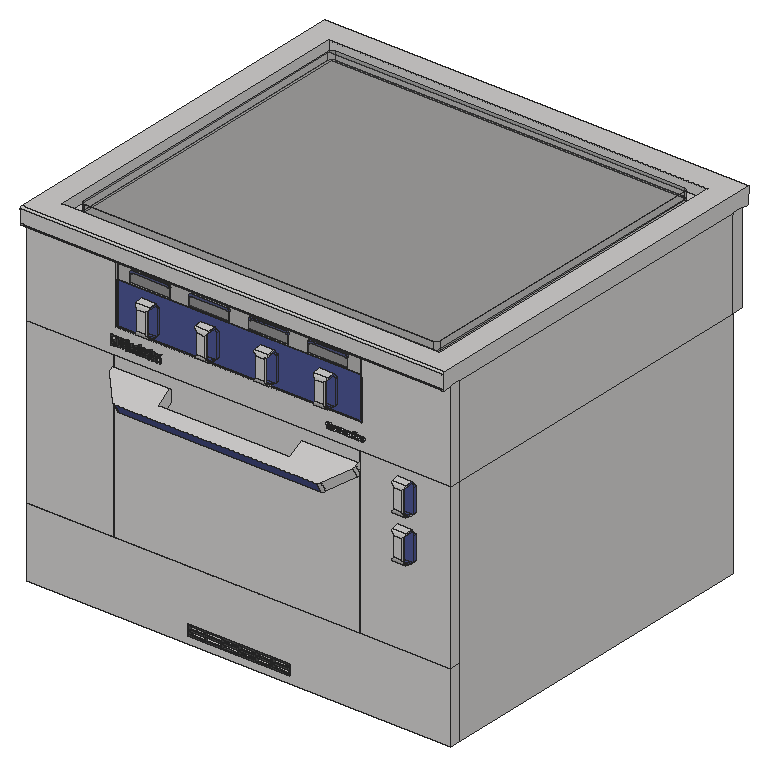
Revit family "QF_ELECTROLUXPROFESSIONAL_589668_MCIMFAJ8AO", category Attrezzature speciali, Revit 2020 (continued)
Definition of nested family "Front_Panel_W1000_4 Knobs"
  Definition of nested family "ELX_Professional_Logo_Small"
    Forms (mm)
      Extrusion 2, solid, material <- "Material_Logo"
        sketch origin (15.5, 0, 0) x (1, 0, 0) y (0, 1, 0)
          loop
            spline (-32.6, 1.606) -> (-32.553, 0.805) -> (-32.416, 0.057) -> (-32.193, -0.637) -> (-31.887, -1.271) -> (-31.504, -1.843) -> (-31.048, -2.35) -> (-30.523, -2.788) -> (-29.934, -3.154) -> (-29.284, -3.444) -> (-28.579, -3.656) -> (-27.822, -3.785) -> (-27.019, -3.829)
            spline (-27.019, -3.829) -> (-26.627, -3.82) -> (-26.239, -3.79) -> (-25.856, -3.739) -> (-25.477, -3.663) -> (-25.103, -3.562) -> (-24.734, -3.432) -> (-24.369, -3.273) -> (-24.01, -3.082) -> (-23.655, -2.858) -> (-23.305, -2.597) -> (-22.96, -2.299) -> (-22.621, -1.962)
            line (-22.621, -1.962) -> (-24.114, -0.509)
            spline (-24.114, -0.509) -> (-24.311, -0.699) -> (-24.509, -0.872) -> (-24.71, -1.03) -> (-24.915, -1.172) -> (-25.126, -1.297) -> (-25.346, -1.407) -> (-25.576, -1.5) -> (-25.817, -1.576) -> (-26.072, -1.636) -> (-26.342, -1.678) -> (-26.629, -1.704) -> (-26.936, -1.713)
            spline (-26.936, -1.713) -> (-27.384, -1.691) -> (-27.805, -1.625) -> (-28.196, -1.518) -> (-28.556, -1.372) -> (-28.882, -1.187) -> (-29.174, -0.966) -> (-29.429, -0.71) -> (-29.645, -0.422) -> (-29.821, -0.102) -> (-29.955, 0.247) -> (-30.045, 0.623) -> (-30.089, 1.026)
            line (-30.089, 1.026) -> (-21.956, 1.026) -> (-21.915, 1.897)
          loop
            spline (-24.446, 2.769) -> (-24.47, 3.075) -> (-24.54, 3.37) -> (-24.654, 3.65) -> (-24.807, 3.913) -> (-24.996, 4.156) -> (-25.219, 4.376) -> (-25.472, 4.57) -> (-25.753, 4.736) -> (-26.057, 4.869) -> (-26.382, 4.968) -> (-26.724, 5.03) -> (-27.081, 5.051)
            spline (-27.081, 5.051) -> (-27.464, 5.03) -> (-27.832, 4.97) -> (-28.183, 4.872) -> (-28.513, 4.74) -> (-28.819, 4.577) -> (-29.099, 4.384) -> (-29.347, 4.165) -> (-29.563, 3.923) -> (-29.742, 3.659) -> (-29.881, 3.377) -> (-29.977, 3.079) -> (-30.027, 2.769)
            line (-30.027, 2.769) -> (-24.446, 2.769)
          loop
            spline (-18.167, 1.669) -> (-18.138, 2.13) -> (-18.055, 2.567) -> (-17.921, 2.978) -> (-17.739, 3.358) -> (-17.512, 3.705) -> (-17.243, 4.016) -> (-16.937, 4.287) -> (-16.596, 4.517) -> (-16.223, 4.7) -> (-15.823, 4.835) -> (-15.398, 4.919) -> (-14.951, 4.947)
            spline (-14.951, 4.947) -> (-14.677, 4.938) -> (-14.414, 4.913) -> (-14.162, 4.871) -> (-13.921, 4.812) -> (-13.69, 4.738) -> (-13.467, 4.649) -> (-13.254, 4.544) -> (-13.048, 4.424) -> (-12.85, 4.291) -> (-12.659, 4.143) -> (-12.474, 3.981) -> (-12.295, 3.806)
            line (-12.295, 3.806) -> (-10.76, 5.403)
            spline (-10.76, 5.403) -> (-11.065, 5.709) -> (-11.38, 5.984) -> (-11.703, 6.228) -> (-12.035, 6.443) -> (-12.375, 6.63) -> (-12.723, 6.788) -> (-13.078, 6.92) -> (-13.44, 7.026) -> (-13.809, 7.107) -> (-14.184, 7.164) -> (-14.564, 7.198) -> (-14.951, 7.209)
            spline (-14.951, 7.209) -> (-15.725, 7.161) -> (-16.467, 7.02) -> (-17.169, 6.792) -> (-17.826, 6.482) -> (-18.43, 6.096) -> (-18.976, 5.637) -> (-19.455, 5.112) -> (-19.862, 4.525) -> (-20.19, 3.882) -> (-20.433, 3.189) -> (-20.584, 2.449) -> (-20.635, 1.669)
            spline (-20.635, 1.669) -> (-20.584, 0.889) -> (-20.433, 0.149) -> (-20.19, -0.545) -> (-19.862, -1.187) -> (-19.455, -1.774) -> (-18.976, -2.299) -> (-18.43, -2.758) -> (-17.826, -3.145) -> (-17.169, -3.454) -> (-16.467, -3.682) -> (-15.725, -3.823) -> (-14.951, -3.871)
            spline (-14.951, -3.871) -> (-14.564, -3.86) -> (-14.184, -3.826) -> (-13.809, -3.77) -> (-13.44, -3.689) -> (-13.078, -3.583) -> (-12.723, -3.451) -> (-12.375, -3.292) -> (-12.035, -3.105) -> (-11.703, -2.89) -> (-11.38, -2.646) -> (-11.065, -2.371) -> (-10.76, -2.066)
            line (-10.76, -2.066) -> (-12.295, -0.468)
            spline (-12.295, -0.468) -> (-12.474, -0.643) -> (-12.659, -0.805) -> (-12.85, -0.953) -> (-13.048, -1.087) -> (-13.254, -1.206) -> (-13.467, -1.311) -> (-13.69, -1.4) -> (-13.921, -1.475) -> (-14.162, -1.533) -> (-14.414, -1.575) -> (-14.677, -1.6) -> (-14.951, -1.609)
            spline (-14.951, -1.609) -> (-15.398, -1.581) -> (-15.823, -1.497) -> (-16.223, -1.362) -> (-16.596, -1.179) -> (-16.937, -0.95) -> (-17.243, -0.678) -> (-17.512, -0.367) -> (-17.739, -0.02) -> (-17.921, 0.36) -> (-18.055, 0.771) -> (-18.138, 1.208) -> (-18.167, 1.669)
          loop
            spline (-4.441, -1.243) -> (-4.659, -1.247) -> (-4.894, -1.23) -> (-5.137, -1.19) -> (-5.384, -1.121) -> (-5.628, -1.021) -> (-5.864, -0.884) -> (-6.084, -0.708) -> (-6.283, -0.488) -> (-6.454, -0.219) -> (-6.592, 0.101) -> (-6.69, 0.478) -> (-6.742, 0.914)
            line (-6.742, 0.914) -> (-6.742, 4.587) -> (-4.487, 4.587) -> (-4.487, 6.838) -> (-6.738, 6.838) -> (-6.738, 10.824) -> (-9.217, 10.824) -> (-9.217, 0.773)
            spline (-9.217, 0.773) -> (-9.164, 0.19) -> (-9.068, -0.358) -> (-8.928, -0.87) -> (-8.742, -1.343) -> (-8.511, -1.777) -> (-8.232, -2.168) -> (-7.904, -2.515) -> (-7.527, -2.816) -> (-7.098, -3.069) -> (-6.618, -3.273) -> (-6.084, -3.426) -> (-5.496, -3.525)
            line (-5.496, -3.525) -> (-4.45, -3.573) -> (-4.441, -1.243)
          loop
            spline (3.898, 6.983) -> (3.469, 7.009) -> (3.056, 7.001) -> (2.661, 6.961) -> (2.283, 6.888) -> (1.925, 6.785) -> (1.588, 6.652) -> (1.272, 6.49) -> (0.979, 6.301) -> (0.71, 6.085) -> (0.465, 5.844) -> (0.247, 5.578) -> (0.056, 5.289)
            line (0.056, 5.289) -> (0.056, 6.838) -> (-2.402, 6.838) -> (-2.402, -3.572) -> (0.056, -3.572) -> (0.056, 1.901)
            spline (0.056, 1.901) -> (0.079, 2.316) -> (0.145, 2.703) -> (0.254, 3.06) -> (0.404, 3.386) -> (0.592, 3.679) -> (0.818, 3.938) -> (1.08, 4.162) -> (1.375, 4.348) -> (1.703, 4.495) -> (2.062, 4.602) -> (2.45, 4.668) -> (2.865, 4.69)
            line (2.865, 4.69) -> (3.898, 4.586) -> (3.898, 6.983)
          loop
            spline (15.638, 1.633) -> (15.586, 2.396) -> (15.435, 3.124) -> (15.192, 3.81) -> (14.863, 4.449) -> (14.455, 5.034) -> (13.975, 5.56) -> (13.43, 6.021) -> (12.826, 6.411) -> (12.17, 6.724) -> (11.469, 6.955) -> (10.729, 7.098) -> (9.958, 7.147)
            spline (9.958, 7.147) -> (9.182, 7.098) -> (8.44, 6.955) -> (7.737, 6.724) -> (7.081, 6.411) -> (6.477, 6.021) -> (5.933, 5.56) -> (5.454, 5.034) -> (5.048, 4.449) -> (4.721, 3.81) -> (4.479, 3.124) -> (4.329, 2.396) -> (4.277, 1.633)
            spline (4.277, 1.633) -> (4.329, 0.869) -> (4.479, 0.141) -> (4.721, -0.544) -> (5.048, -1.183) -> (5.454, -1.768) -> (5.933, -2.294) -> (6.477, -2.755) -> (7.081, -3.145) -> (7.737, -3.459) -> (8.44, -3.69) -> (9.182, -3.833) -> (9.958, -3.882)
            spline (9.958, -3.882) -> (10.729, -3.833) -> (11.469, -3.69) -> (12.17, -3.459) -> (12.826, -3.145) -> (13.43, -2.755) -> (13.975, -2.294) -> (14.455, -1.768) -> (14.863, -1.183) -> (15.192, -0.544) -> (15.435, 0.141) -> (15.586, 0.869) -> (15.638, 1.633)
          loop
            spline (13.18, 1.633) -> (13.151, 2.083) -> (13.067, 2.513) -> (12.932, 2.918) -> (12.748, 3.296) -> (12.52, 3.642) -> (12.251, 3.954) -> (11.943, 4.227) -> (11.601, 4.459) -> (11.228, 4.645) -> (10.828, 4.782) -> (10.403, 4.867) -> (9.958, 4.896)
            spline (9.958, 4.896) -> (9.509, 4.867) -> (9.081, 4.782) -> (8.679, 4.645) -> (8.306, 4.459) -> (7.964, 4.227) -> (7.658, 3.954) -> (7.39, 3.642) -> (7.163, 3.296) -> (6.981, 2.918) -> (6.847, 2.513) -> (6.765, 2.083) -> (6.736, 1.633)
            spline (6.736, 1.633) -> (6.765, 1.182) -> (6.847, 0.753) -> (6.981, 0.347) -> (7.163, -0.031) -> (7.39, -0.377) -> (7.658, -0.689) -> (7.964, -0.962) -> (8.306, -1.193) -> (8.679, -1.38) -> (9.081, -1.517) -> (9.509, -1.602) -> (9.958, -1.631)
            spline (9.958, -1.631) -> (10.403, -1.602) -> (10.828, -1.517) -> (11.228, -1.38) -> (11.601, -1.193) -> (11.943, -0.962) -> (12.251, -0.689) -> (12.52, -0.377) -> (12.748, -0.031) -> (12.932, 0.347) -> (13.067, 0.753) -> (13.151, 1.182) -> (13.18, 1.633)
          loop
            line (17.162, 4.269) -> (17.162, -3.573) -> (19.642, -3.573) -> (19.642, 10.824) -> (17.162, 10.824) -> (17.162, 4.269)
          loop
            line (28.581, 6.838) -> (28.581, 0.786)
            spline (28.581, 0.786) -> (28.561, 0.393) -> (28.503, 0.038) -> (28.409, -0.279) -> (28.281, -0.559) -> (28.122, -0.802) -> (27.933, -1.011) -> (27.717, -1.185) -> (27.476, -1.325) -> (27.213, -1.433) -> (26.929, -1.509) -> (26.626, -1.554) -> (26.308, -1.569)
            spline (26.308, -1.569) -> (25.99, -1.554) -> (25.688, -1.509) -> (25.404, -1.434) -> (25.141, -1.326) -> (24.9, -1.187) -> (24.684, -1.014) -> (24.496, -0.807) -> (24.336, -0.565) -> (24.209, -0.288) -> (24.115, 0.026) -> (24.057, 0.376) -> (24.037, 0.765)
            line (24.037, 0.765) -> (24.037, 6.838) -> (21.537, 6.838) -> (21.537, 0.558)
            spline (21.537, 0.558) -> (21.581, -0.153) -> (21.71, -0.8) -> (21.916, -1.384) -> (22.195, -1.904) -> (22.54, -2.362) -> (22.944, -2.757) -> (23.403, -3.09) -> (23.909, -3.362) -> (24.456, -3.572) -> (25.04, -3.722) -> (25.652, -3.811) -> (26.288, -3.841)
            spline (26.288, -3.841) -> (26.929, -3.811) -> (27.547, -3.72) -> (28.135, -3.568) -> (28.687, -3.355) -> (29.197, -3.079) -> (29.66, -2.741) -> (30.068, -2.341) -> (30.415, -1.877) -> (30.696, -1.349) -> (30.905, -0.757) -> (31.034, -0.101) -> (31.079, 0.621)
            line (31.079, 0.621) -> (31.079, 6.838) -> (28.581, 6.838)
          loop
            line (40.457, -0.243) -> (38.894, 1.942) -> (40.83, 4.579) -> (42.488, 6.837) -> (39.782, 6.837) -> (37.53, 3.719) -> (35.258, 6.837) -> (32.573, 6.837) -> (34.113, 4.731) -> (36.167, 1.922) -> (34.014, -1.076) -> (32.222, -3.573) -> (34.887, -3.573) -> (37.53, 0.104) -> (40.174, -3.573) -> (42.839, -3.573) -> (40.457, -0.243)
          loop
            line (-46.121, -5.837) -> (-48.039, -5.837) -> (-48.039, -10.814) -> (-47.016, -10.814) -> (-47.016, -9.128) -> (-46.121, -9.128)
            arc (-46.121, -9.128) -> (-44.476, -7.482) -> (-46.121, -5.837) r 1.645
          loop
            line (-46.163, -6.778) -> (-47.016, -6.778) -> (-47.016, -8.187) -> (-46.163, -8.187)
            arc (-46.163, -8.187) -> (-45.458, -7.482) -> (-46.163, -6.778) r 0.704
          loop
            line (-38.313, -5.837) -> (-40.265, -5.837) -> (-40.265, -10.814) -> (-39.241, -10.814) -> (-39.241, -9.1) -> (-38.46, -9.182) -> (-37.48, -10.814) -> (-36.318, -10.814) -> (-37.513, -8.848)
            arc (-37.513, -8.848) -> (-36.888, -8.266) -> (-36.671, -7.441) r 1.536
            arc (-36.671, -7.441) -> (-37.165, -6.305) -> (-38.313, -5.837) r 1.643
          loop
            arc (-38.402, -8.166) -> (-37.707, -7.505) -> (-38.334, -6.778) r 0.696
            line (-38.334, -6.778) -> (-39.241, -6.778) -> (-39.241, -8.166) -> (-38.402, -8.166)
          loop
            circle (-29.965, -8.325) r 2.585
          loop
            circle (-29.965, -8.325) r 1.64
          loop
            line (-23.1, -5.837) -> (-23.1, -10.814) -> (-22.076, -10.814) -> (-22.076, -8.768) -> (-20.204, -8.768) -> (-20.204, -7.828) -> (-22.076, -7.828) -> (-22.076, -6.778) -> (-20.024, -6.778) -> (-20.024, -5.837) -> (-23.1, -5.837)
          loop
            line (-15.802, -5.837) -> (-15.802, -9.2)
            arc (-15.802, -9.2) -> (-15.343, -10.34) -> (-14.209, -10.814) r 1.593
            line (-14.209, -10.814) -> (-12.602, -10.814) -> (-12.602, -10.027) -> (-14.004, -10.027)
            arc (-14.004, -10.027) -> (-14.552, -9.8) -> (-14.779, -9.252) r 0.775
            line (-14.779, -9.252) -> (-14.779, -8.424) -> (-12.789, -8.424) -> (-12.789, -7.642) -> (-14.779, -7.642) -> (-14.779, -6.778) -> (-12.651, -6.778) -> (-12.651, -5.837) -> (-15.802, -5.837)
          loop
            line (-5.909, -7.143) -> (-5.173, -6.638)
            arc (-5.173, -6.638) -> (-5.855, -5.974) -> (-6.781, -5.755) r 1.782
            arc (-6.781, -5.755) -> (-7.397, -5.878) -> (-7.944, -6.189) r 1.974
            arc (-7.944, -6.189) -> (-8.202, -6.5) -> (-8.317, -6.888) r 1.013
            arc (-8.317, -6.888) -> (-8.306, -7.341) -> (-8.192, -7.78) r 1.985
            arc (-8.192, -7.78) -> (-7.749, -8.259) -> (-7.171, -8.563) r 1.928
            arc (-7.171, -8.563) -> (-6.637, -8.779) -> (-6.131, -9.056) r 5.041
            arc (-6.131, -9.056) -> (-5.934, -9.387) -> (-6.09, -9.74) r 0.42
            arc (-6.09, -9.74) -> (-6.631, -9.96) -> (-7.204, -9.845) r 1.016
            arc (-7.204, -9.845) -> (-7.625, -9.603) -> (-7.889, -9.196) r 1.033
            line (-7.889, -9.196) -> (-8.67, -9.686)
            arc (-8.67, -9.686) -> (-8.361, -10.198) -> (-7.908, -10.589) r 1.914
            arc (-7.908, -10.589) -> (-7.334, -10.834) -> (-6.714, -10.896) r 2.063
            arc (-6.714, -10.896) -> (-5.947, -10.743) -> (-5.256, -10.376) r 2.696
            arc (-5.256, -10.376) -> (-4.95, -9.565) -> (-5.108, -8.712) r 1.618
            arc (-5.108, -8.712) -> (-5.448, -8.319) -> (-5.884, -8.035) r 1.876
            arc (-5.884, -8.035) -> (-6.434, -7.789) -> (-6.999, -7.577) r 9.883
            arc (-6.999, -7.577) -> (-7.325, -7.07) -> (-6.854, -6.694) r 0.45
            arc (-6.854, -6.694) -> (-6.329, -6.809) -> (-5.909, -7.143) r 1.197
          loop
            line (1.61, -7.143) -> (2.345, -6.638)
            arc (2.345, -6.638) -> (1.663, -5.974) -> (0.737, -5.755) r 1.782
            arc (0.737, -5.755) -> (0.121, -5.878) -> (-0.425, -6.189) r 1.974
            arc (-0.425, -6.189) -> (-0.683, -6.5) -> (-0.799, -6.888) r 1.013
            arc (-0.799, -6.888) -> (-0.788, -7.341) -> (-0.674, -7.78) r 1.985
            arc (-0.674, -7.78) -> (-0.231, -8.259) -> (0.347, -8.563) r 1.928
            arc (0.347, -8.563) -> (0.881, -8.779) -> (1.387, -9.056) r 5.041
            arc (1.387, -9.056) -> (1.584, -9.387) -> (1.428, -9.74) r 0.42
            arc (1.428, -9.74) -> (0.887, -9.96) -> (0.314, -9.845) r 1.016
            arc (0.314, -9.845) -> (-0.107, -9.603) -> (-0.371, -9.196) r 1.033
            line (-0.371, -9.196) -> (-1.152, -9.686)
            arc (-1.152, -9.686) -> (-0.842, -10.198) -> (-0.39, -10.589) r 1.914
            arc (-0.39, -10.589) -> (0.184, -10.834) -> (0.804, -10.896) r 2.063
            arc (0.804, -10.896) -> (1.572, -10.743) -> (2.263, -10.376) r 2.696
            arc (2.263, -10.376) -> (2.568, -9.565) -> (2.411, -8.712) r 1.618
            arc (2.411, -8.712) -> (2.07, -8.319) -> (1.635, -8.035) r 1.876
            arc (1.635, -8.035) -> (1.084, -7.789) -> (0.519, -7.577) r 9.883
            arc (0.519, -7.577) -> (0.193, -7.07) -> (0.665, -6.694) r 0.45
            arc (0.665, -6.694) -> (1.189, -6.809) -> (1.61, -7.143) r 1.197
          loop
            line (6.801, -5.837) -> (6.801, -10.814) -> (7.825, -10.814) -> (7.825, -5.837) -> (6.801, -5.837)
          loop
            circle (14.724, -8.325) r 1.548
          loop
            circle (14.724, -8.325) r 2.585
          loop
            line (21.59, -10.814) -> (22.623, -10.814) -> (22.623, -7.685) -> (24.9, -10.814) -> (25.895, -10.814) -> (25.895, -5.837) -> (24.861, -5.837) -> (24.861, -9.061) -> (22.585, -5.837) -> (21.59, -5.837) -> (21.59, -10.814)
          loop
            line (31.054, -10.814) -> (31.539, -9.74) -> (33.38, -9.74) -> (33.865, -10.814) -> (34.965, -10.814) -> (32.46, -5.837) -> (29.956, -10.814) -> (31.054, -10.814)
          loop
            line (32.46, -7.698) -> (31.999, -8.719) -> (32.921, -8.719) -> (32.46, -7.698)
          loop
            line (40.047, -9.873) -> (40.047, -5.837) -> (39.024, -5.837) -> (39.024, -10.814) -> (41.961, -10.814) -> (41.961, -9.873) -> (40.047, -9.873)
          loop
            line (-74.986, -10.814) -> (-53.322, -10.814) -> (-53.322, 10.82) -> (-74.986, 10.82) -> (-74.986, -10.814)
          loop
            line (-61.261, 9.758) -> (-61.261, -9.707)
            arc (-61.261, -9.707) -> (-54.066, 0.025) -> (-61.261, 9.758) r 10.18
          loop
            line (-62.251, 8.349) -> (-62.251, 9.758)
            arc (-62.251, 9.758) -> (-70.347, 7.918) -> (-74.247, 0.59) r 9.976
            line (-74.247, 0.59) -> (-71.026, 0.59)
            arc (-71.026, 0.59) -> (-65.274, 2.925) -> (-62.251, 8.349) r 9.351
          loop
            arc (-74.247, -0.539) -> (-70.353, -7.928) -> (-62.251, -9.957) r 10.237
            line (-62.251, -9.957) -> (-62.251, -8.298)
            arc (-62.251, -8.298) -> (-65.274, -2.874) -> (-71.026, -0.539) r 9.351
            line (-71.026, -0.539) -> (-74.247, -0.539)
        from 0 to 1.644
    Dimensions and locks
      aligned and locked: plane 2 to Extrusion 1
      aligned and locked: level to Extrusion 1
